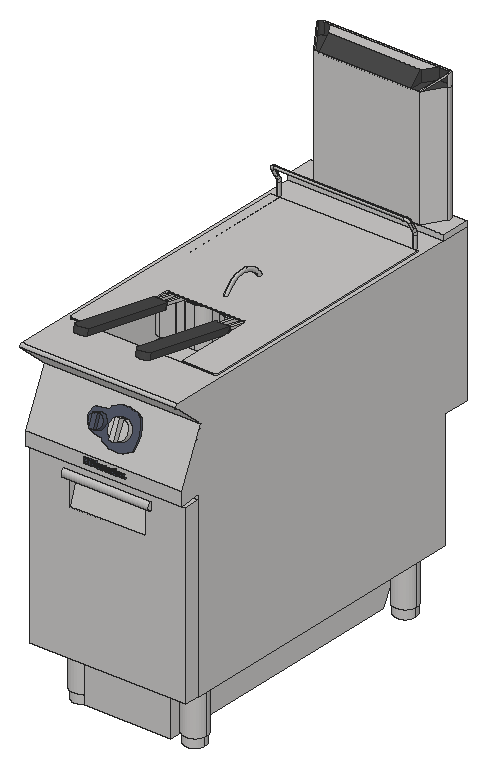
Revit family "QF_ELECTROLUXPROFESSIONAL_391631_E9KKMTBAMCI", category Attrezzature speciali, Revit 2021
Family settings
  Quota connettore circolare = Usa diametro
  Tipo di parte = Normale
  Basato su piano di lavoro = No
  Sempre verticale = Sì
  Taglio con vuoti quando caricato = No
  Condiviso = No
  Punto di calcolo locali = No
Parameters (values of type "Standard")
  Weight = 65.00 kg
  Watts = 0 W
  Volts = 0 V
  URL Manufacturer = "https://www.electroluxprofessional.com/"
  URL = "https://www.electroluxprofessional.com/"
  Steam Supply Size = 0"
  Steam Supply Minimum Pressure = 0.00 psi
  Steam Supply Maximum Pressure = 0.00 psi
  Steam Consumption per Hour = 0
  Show Logo [instance] = yes
  Show Clearance [instance] = yes
  Refrigeration Suction Line Size = 0 mm
  Refrigeration Liquid Line Size = 0 mm
  Refrigerant Compressor Remote = yes
  Prospetto di default = 0 mm
  Phase = 0
  Modello = "E9KKMTBAMCI"
  Produttore = "Electrolux Professional"
  Length Actual = 400 mm  # constant formula
  Item Number = "391631"
  Hot Water Size = 0"
  Height Actual = 850 mm  # constant formula
  HP = "0 HP"
  Gas Size = 1/2"
  Gas KW = 19
  Gas Input Pressure = 0.637167 Btu/h
  Direct Waste Size = 0"
  Descrizione = "23LT GAS TUBE FRYER-1 WELL+2 1/2 BASKETS - QMARK"
  Depth Actual = 930 mm  # constant formula
  Cycle = 0 Hz
  Condensate Return Size = 0"
  Compressed Air Volume = 0 GPM
  Compressed Air Size = 0"
  Compressed Air Pressure = 0.00 psi
  Cold Water Size = 0"
  Base Height [instance] = 150 mm  # constant formula
  Accessory = yes
Reference planes
  plane 1 "BACK": y = 0
  plane 2: z = 0
  plane 3 "LEFT": x = 0
  plane 4 "RIGHT": x = 400
  plane 5 "FRONT": y = -930
  plane 6 "TOP": z = 906
  plane 7 "Center Y": x = 200
  plane 8 "Center X": y = -465
  plane 9 "BASE": z = 601.763
  plane 10 "TOP A": z = 851
  plane 11: z = 150
  plane 12: y = -126
  plane 13: y = -800
  plane 14: y = -1273
  plane 15: x = 344
  plane 16: x = 56
  plane 17: x = 344
  plane 18: z = 916
  plane 19: z = 931
  plane 20: y = -1273
  plane 21: x = 355
  plane 22: y = -1610
  plane 23: z = 1200
Forms (mm)
  Extrusion 1, solid, material "QF_Finishes_Stainless Steel"
    sketch origin (0, 0, 0) x (0, 1, 0) y (0, 0, 1)
      loop
        line (0, 851) -> (-923.65, 851)
        arc (-923.65, 851) -> (-929.517, 847.08) -> (-928.14, 840.16) r 6.35
        line (-928.14, 840.16) -> (-852.034, 773.495) -> (-912.145, 642.892) -> (-912.145, 608.853) -> (-858.773, 614.463) -> (-858.773, 150) -> (-70, 150) -> (-70, 451.763) -> (0, 451.763) -> (0, 851)
      loop
        line (-900, 601.763) -> (-900, 150) -> (-860.361, 150) -> (-860.361, 601.763) -> (-900, 601.763)
    from 0 to 400
  Extrusion 2, void
    sketch origin (0, 0, 851) x (-1, 0, 0) y (0, -1, 0)
      loop
        line (-33.338, 141.304) -> (-33.338, 787.143) -> (-366.662, 787.143) -> (-366.662, 141.304) -> (-33.338, 141.304)
    from 0 to -152.4
  Extrusion 3, solid, material "QF_Finishes_Stainless Steel"
    sketch origin (0, 0, 851) x (-1, 0, 0) y (0, -1, 0)
      loop
        arc (-11.548, 780.793) -> (-13.408, 785.283) -> (-17.898, 787.143) r 6.35
        line (-17.898, 787.143) -> (-90.863, 787.143)
        arc (-90.863, 787.143) -> (-95.353, 785.283) -> (-97.213, 780.793) r 6.35
        line (-97.213, 780.793) -> (-97.213, 586.546)
        arc (-97.213, 586.546) -> (-99.072, 582.055) -> (-103.563, 580.196) r 6.35
        line (-103.563, 580.196) -> (-293.937, 580.196)
        arc (-293.937, 580.196) -> (-298.428, 582.055) -> (-300.287, 586.546) r 6.35
        line (-300.287, 586.546) -> (-300.287, 780.818)
        arc (-300.287, 780.818) -> (-302.14, 785.291) -> (-306.612, 787.143) r 6.325
        line (-306.612, 787.143) -> (-382.102, 787.143)
        arc (-382.102, 787.143) -> (-386.592, 785.283) -> (-388.452, 780.793) r 6.35
        line (-388.452, 780.793) -> (-388.452, 141.304) -> (-11.548, 141.304) -> (-11.548, 780.793)
    from 0 to 2.574
  Sweep 4, solid, material "QF_Finishes_Stainless Steel"
    path origin (200, 10.469, 0) x (0, 1, 0) y (0, 0, 1)
      loop
        arc (-423.261, 851) -> (-477.7, 884.779) -> (-532.139, 851) r 60.757
    profile origin (200, -467.231, 884.779) x (0, 0, -1) y (1, 0, 0)
      loop
        circle (0, 0) r 4.353
  Extrusion 5, solid, material "QF_Clearances", visible <- "Show Clearance", detail levels coarse
    sketch origin (0, 0, 0) x (1, 0, 0) y (0, 1, 0)
      loop
        line (0, -930) -> (0, 0) -> (400, 0) -> (400, -930) -> (550.019, -930) -> (550.019, 150.019) -> (-150.019, 150.019) -> (-150.019, -930) -> (0, -930)
    from 0 to 1200
  Revolve 6, solid, material "QF_Finishes_Stainless Steel"
    sketch origin (0, -126, 608.09) x (0, 0, 1) y (-1, 0, 0)
      loop
        line (-608.09, -56) -> (-458.09, -56) -> (-458.09, -26) -> (-583.09, -26) -> (-583.09, -29.75) -> (-608.09, -29.75) -> (-608.09, -56)
      axis (-608.09, -56) -> (-458.09, -56)
    angle from 0 to 360
  Revolve 7, solid, material "QF_Finishes_Stainless Steel"
    sketch origin (400.05, -126, 608.09) x (0, 0, 1) y (-1, 0, 0)
      loop
        line (-608.09, 56.05) -> (-608.09, 29.8) -> (-583.09, 29.8) -> (-583.09, 26.05) -> (-458.09, 26.05) -> (-458.09, 56.05) -> (-608.09, 56.05)
      axis (-608.09, 56.05) -> (-458.09, 56.05)
    angle from 0 to 360
  Extrusion 8, solid, material "QF_Door-Drawer Clearances", visible <- "Show Clearance", detail levels coarse
    sketch origin (0, 0, 851) x (-1, 0, 0) y (0, -1, 0)
      loop
        line (-400, 1273) -> (-400, 900) -> (-0.912, 900)
        arc (-0.912, 900) -> (-126.87, 1165.233) -> (-400, 1273) r 400
    from -701 to -249.237
  Revolve 9, solid, material "QF_Finishes_Stainless Steel"
    sketch origin (400.05, -800, 608.09) x (0, 0, 1) y (-1, 0, 0)
      loop
        line (-608.09, 56.05) -> (-608.09, 29.8) -> (-583.09, 29.8) -> (-583.09, 26.05) -> (-458.09, 26.05) -> (-458.09, 56.05) -> (-608.09, 56.05)
      axis (-608.09, 56.05) -> (-458.09, 56.05)
    angle from 0 to 360
  Extrusion 10, solid, material "QF_Finishes_Stainless Steel"
    sketch origin (200, 0, 0) x (0, 1, 0) y (0, 0, 1)
      loop
        line (-71.89, 865) -> (-71.89, 851) -> (0, 851) -> (0, 865) -> (-71.89, 865)
    from -200 to 200
  Extrusion 11, void
    sketch origin (200, -12.863, 0) x (0, 1, 0) y (0, 0, 1)
      loop
        line (-887.138, 564.263) -> (-887.138, 500.55) -> (-863.948, 564.263) -> (-887.138, 564.263)
    from -96.424 to 99.144
  Extrusion 12, solid, material "QF_Finishes_Stainless Steel"
    sketch origin (200, -12.863, 22.5) x (0, 1, 0) y (0, 0, 1)
      loop
        line (-887.137, 541.763) -> (-887.137, 561.763)
        arc (-887.137, 561.763) -> (-897.137, 551.763) -> (-887.137, 541.763) r 10
    from -110.529 to 112.106
  Revolve 13, solid, material "QF_Finishes_Stainless Steel"
    sketch origin (0, -800, 608.09) x (0, 0, 1) y (1, 0, 0)
      loop
        line (-608.09, 56) -> (-608.09, 29.75) -> (-583.09, 29.75) -> (-583.09, 26) -> (-458.09, 26) -> (-458.09, 56) -> (-608.09, 56)
      axis (-608.09, 56) -> (-458.09, 56)
    angle from 0 to 360
  Sweep 14, solid, material "QF_Finishes_Stainless Steel"
    path origin (0, 0, 0) x (0, 1, 0) y (0, 0, 1)
      loop
        line (-133.218, 851) -> (-133.218, 884.76)
        arc (-133.218, 884.76) -> (-133.779, 889.022) -> (-135.424, 892.993) r 16.466
        line (-135.424, 892.993) -> (-140.718, 902.162)
    profile origin (0, -133.218, 867.88) x (0, -1, 0) y (1, 0, 0)
      loop
        circle (0.001, 25.269) r 3.999
      loop
        circle (0.001, 374.731) r 3.999
  Sweep 15, solid, material "QF_Finishes_Stainless Steel"
    path origin (0, -68.628, 777.297) x (-1, 0, 0) y (0, -0.5, 0.866025)
      loop
        line (-374.731, 144.182) -> (-374.731, 165.819)
        arc (-374.731, 165.819) -> (-372.68, 170.768) -> (-367.731, 172.819) r 7
        line (-367.731, 172.819) -> (-32.269, 172.819)
        arc (-32.269, 172.819) -> (-27.32, 170.768) -> (-25.269, 165.819) r 7
        line (-25.269, 165.819) -> (-25.269, 144.182)
    profile origin (374.731, -146.128, 911.531) x (1, 0, 0) y (0, 0.866025, 0.5)
      loop
        circle (0, 0) r 4
  Extrusion 16, solid, material "QF_Finishes_Navy Blue", visible <- "Show Logo"
    sketch origin (0, -912.145, 608.853) x (0, 0, 1) y (-1, 0, 0)
      loop
        line (27.359, -159.055) -> (14.993, -159.055)
        arc (14.993, -159.055) -> (21.176, -163.626) -> (27.359, -159.055) r 6.467
      loop
        arc (27.359, -158.426) -> (26.19, -153.283) -> (21.534, -150.805) r 6.338
        line (21.534, -150.805) -> (21.534, -152.851)
        arc (21.534, -152.851) -> (23.018, -156.506) -> (26.464, -158.426) r 5.941
        line (26.464, -158.426) -> (27.359, -158.426)
      loop
        arc (15.888, -158.426) -> (19.334, -156.506) -> (20.817, -152.851) r 5.941
        line (20.817, -152.851) -> (20.817, -150.805)
        arc (20.817, -150.805) -> (16.123, -153.279) -> (14.834, -158.426) r 6.504
        line (14.834, -158.426) -> (15.888, -158.426)
      loop
        line (28.034, -150.336) -> (14.29, -150.336) -> (14.29, -164.099) -> (28.034, -164.099) -> (28.034, -150.336)
      loop
        arc (28.118, -167.066) -> (27.77, -166.709) -> (27.403, -167.047) r 0.358
        arc (27.403, -167.047) -> (27.089, -167.797) -> (26.372, -168.182) r 1.216
        line (26.372, -168.182) -> (15.959, -168.182)
        arc (15.959, -168.182) -> (15.299, -167.904) -> (14.903, -167.308) r 1.238
        arc (14.903, -167.308) -> (14.509, -167.057) -> (14.203, -167.411) r 0.358
        line (14.203, -167.411) -> (14.203, -177.29) -> (16.954, -177.29) -> (16.954, -176.393)
        arc (16.954, -176.393) -> (16.045, -175.813) -> (15.589, -174.836) r 1.928
        line (15.589, -174.836) -> (15.589, -172.337)
        arc (15.589, -172.337) -> (15.865, -171.608) -> (16.553, -171.244) r 1.101
        line (16.553, -171.244) -> (20.64, -171.244) -> (20.64, -174.917)
        arc (20.64, -174.917) -> (20.287, -175.414) -> (19.722, -175.642) r 1.083
        arc (19.722, -175.642) -> (19.459, -175.948) -> (19.751, -176.226) r 0.292
        line (19.751, -176.226) -> (22.713, -176.226)
        arc (22.713, -176.226) -> (23.016, -175.953) -> (22.777, -175.623) r 0.305
        arc (22.777, -175.623) -> (22.286, -175.375) -> (21.981, -174.917) r 1.083
        line (21.981, -174.917) -> (21.981, -171.244) -> (26.659, -171.244) -> (26.659, -174.991)
        arc (26.659, -174.991) -> (26.444, -175.747) -> (25.838, -176.245) r 1.314
        arc (25.838, -176.245) -> (25.619, -176.649) -> (25.973, -176.941) r 0.361
        line (25.973, -176.941) -> (28.118, -176.941) -> (28.118, -167.066)
      loop
        arc (27.4, -177.722) -> (27.02, -178.641) -> (26.101, -179.021) r 1.299
        line (26.101, -179.021) -> (16.522, -179.021)
        arc (16.522, -179.021) -> (15.684, -178.643) -> (15.413, -177.765) r 1.118
        line (15.413, -177.765) -> (14.203, -177.765) -> (14.203, -183.115) -> (15.391, -183.115)
        arc (15.391, -183.115) -> (15.663, -182.198) -> (16.533, -181.802) r 1.153
        line (16.533, -181.802) -> (28.605, -181.802) -> (27.4, -177.722)
      loop
        line (19.168, -185.751) -> (19.168, -192.198) -> (19.967, -192.198)
        arc (19.967, -192.198) -> (22.547, -191.214) -> (23.816, -188.76) r 3.874
        line (23.816, -188.76) -> (23.816, -187)
        arc (23.816, -187) -> (22.629, -184.135) -> (19.765, -182.949) r 4.051
        line (19.765, -182.949) -> (17.757, -182.949)
        arc (17.757, -182.949) -> (14.938, -184.434) -> (13.887, -187.441) r 4.352
        arc (13.887, -187.441) -> (14.251, -189.904) -> (15.629, -191.978) r 5.713
        line (15.629, -191.978) -> (16.578, -191.978)
        arc (16.578, -191.978) -> (15.845, -190.409) -> (15.629, -188.691) r 5.579
        arc (15.629, -188.691) -> (16.422, -186.728) -> (18.301, -185.751) r 3.057
        line (18.301, -185.751) -> (19.168, -185.751)
      loop
        line (20.427, -185.751) -> (20.427, -189.333)
        arc (20.427, -189.333) -> (21.884, -189.38) -> (22.767, -188.221) r 1.59
        line (22.767, -188.221) -> (22.767, -187.391)
        arc (22.767, -187.391) -> (21.902, -186.136) -> (20.427, -185.751) r 2.184
      loop
        arc (23.218, -201.616) -> (23.707, -199.942) -> (23.864, -198.205) r 9.023
        line (23.864, -198.205) -> (23.864, -196.843)
        arc (23.864, -196.843) -> (22.705, -194.043) -> (19.905, -192.883) r 3.959
        line (19.905, -192.883) -> (17.305, -192.883)
        arc (17.305, -192.883) -> (15.023, -194.176) -> (13.906, -196.549) r 4.331
        line (13.906, -196.549) -> (13.906, -198.684)
        arc (13.906, -198.684) -> (14.414, -200.234) -> (15.336, -201.58) r 5.772
        arc (15.336, -201.58) -> (16.098, -201.631) -> (16.184, -200.872) r 0.553
        arc (16.184, -200.872) -> (15.796, -200.138) -> (15.662, -199.319) r 2.573
        line (15.662, -199.319) -> (15.662, -197.804)
        arc (15.662, -197.804) -> (16.668, -196.162) -> (18.483, -195.52) r 2.884
        line (18.483, -195.52) -> (19.762, -195.52)
        arc (19.762, -195.52) -> (21.583, -196.08) -> (22.509, -197.745) r 2.554
        line (22.509, -197.745) -> (22.509, -198.798)
        arc (22.509, -198.798) -> (22.178, -199.726) -> (21.521, -200.461) r 2.564
        arc (21.521, -200.461) -> (21.299, -201.178) -> (21.909, -201.616) r 0.643
        line (21.909, -201.616) -> (23.218, -201.616)
      loop
        line (22.2, -201.886) -> (22.2, -203.387) -> (16.152, -203.387)
        arc (16.152, -203.387) -> (14.564, -204.045) -> (13.906, -205.633) r 2.246
        line (13.906, -205.633) -> (13.906, -207.217)
        arc (13.906, -207.217) -> (14.22, -208.081) -> (14.72, -208.853) r 4.06
        arc (14.72, -208.853) -> (15.453, -208.986) -> (15.704, -208.285) r 0.576
        arc (15.704, -208.285) -> (15.598, -207.759) -> (15.662, -207.227) r 1.69
        arc (15.662, -207.227) -> (16.204, -206.439) -> (17.11, -206.136) r 1.506
        line (17.11, -206.136) -> (22.248, -206.136) -> (22.248, -208.533) -> (22.805, -209.089) -> (23.626, -209.089) -> (23.626, -206.23) -> (26.857, -206.23) -> (22.2, -201.886)
      loop
        line (14.124, -209.987) -> (14.124, -215.374) -> (15.234, -215.374)
        arc (15.234, -215.374) -> (15.627, -214.423) -> (16.578, -214.029) r 1.345
        line (16.578, -214.029) -> (20.195, -214.029)
        arc (20.195, -214.029) -> (20.959, -214.621) -> (21.249, -215.543) r 1.615
        line (21.249, -215.543) -> (21.249, -217.099) -> (23.805, -217.784) -> (23.805, -216.401) -> (21.862, -213.842) -> (23.742, -213.842) -> (23.458, -211.136)
        arc (23.458, -211.136) -> (23.018, -210.606) -> (22.359, -210.807) r 0.621
        arc (22.359, -210.807) -> (21.959, -211.149) -> (21.465, -211.332) r 1.501
        line (21.465, -211.332) -> (16.578, -211.332)
        arc (16.578, -211.332) -> (15.627, -210.938) -> (15.234, -209.987) r 1.345
        line (15.234, -209.987) -> (14.124, -209.987)
      loop
        line (20.225, -217.321) -> (17.533, -217.321)
        arc (17.533, -217.321) -> (15.088, -218.629) -> (13.954, -221.159) r 4.288
        arc (13.954, -221.159) -> (13.89, -222.54) -> (13.954, -223.92) r 15.022
        arc (13.954, -223.92) -> (15.088, -226.451) -> (17.533, -227.758) r 4.288
        line (17.533, -227.758) -> (20.225, -227.758)
        arc (20.225, -227.758) -> (22.671, -226.451) -> (23.805, -223.92) r 4.288
        arc (23.805, -223.92) -> (23.868, -222.54) -> (23.805, -221.159) r 15.022
        arc (23.805, -221.159) -> (22.671, -218.629) -> (20.225, -217.321) r 4.288
      loop
        line (20.43, -220.435) -> (17.328, -220.435)
        arc (17.328, -220.435) -> (15.171, -222.592) -> (17.328, -224.749) r 2.157
        line (17.328, -224.749) -> (20.43, -224.749)
        arc (20.43, -224.749) -> (22.587, -222.592) -> (20.43, -220.435) r 2.157
      loop
        arc (27.411, -227.616) -> (27.041, -228.51) -> (26.147, -228.881) r 1.264
        line (26.147, -228.881) -> (16.282, -228.881)
        arc (16.282, -228.881) -> (15.412, -228.484) -> (15.141, -227.568) r 1.153
        line (15.141, -227.568) -> (14.203, -227.568) -> (14.203, -232.676) -> (15.131, -232.676)
        arc (15.131, -232.676) -> (15.49, -231.904) -> (16.282, -231.589) r 1.153
        line (16.282, -231.589) -> (28.605, -231.589) -> (27.411, -227.616)
      loop
        arc (22.531, -232.213) -> (22.332, -233.278) -> (21.363, -233.76) r 1.215
        line (21.363, -233.76) -> (16.343, -233.76)
        arc (16.343, -233.76) -> (14.728, -234.407) -> (14.008, -235.99) r 2.338
        line (14.008, -235.99) -> (14.008, -237.505)
        arc (14.008, -237.505) -> (14.182, -238.509) -> (14.684, -239.395) r 2.979
        line (14.684, -239.395) -> (14.203, -241.192) -> (14.203, -242.88) -> (23.629, -242.88) -> (23.335, -238.677) -> (22.548, -238.677)
        arc (22.548, -238.677) -> (22.192, -239.513) -> (21.44, -240.022) r 1.605
        line (21.44, -240.022) -> (16.337, -240.022)
        arc (16.337, -240.022) -> (15.917, -239.085) -> (15.844, -238.061) r 2.94
        arc (15.844, -238.061) -> (16.405, -236.96) -> (17.558, -236.517) r 1.724
        line (17.558, -236.517) -> (23.755, -236.517) -> (22.531, -232.213)
      loop
        line (23.559, -243.734) -> (21.887, -245.78) -> (18.713, -248.086) -> (15.257, -244.974)
        arc (15.257, -244.974) -> (15.02, -244.58) -> (15.042, -244.121) r 0.789
        line (15.042, -244.121) -> (14.203, -244.121) -> (14.203, -247.666) -> (15.029, -247.666)
        arc (15.029, -247.666) -> (15.372, -247.304) -> (15.862, -247.396) r 0.52
        line (15.862, -247.396) -> (17.661, -248.867) -> (15.543, -250.242)
        arc (15.543, -250.242) -> (15.142, -249.932) -> (15.055, -249.433) r 0.7
        line (15.055, -249.433) -> (14.203, -249.433) -> (14.203, -255.36) -> (15.09, -255.36)
        arc (15.09, -255.36) -> (15.157, -254.701) -> (15.552, -254.17) r 1.247
        line (15.552, -254.17) -> (19.751, -250.889) -> (22.198, -252.942) -> (23.559, -254.684) -> (23.559, -250.96) -> (22.074, -251.383) -> (20.553, -250.106) -> (22.253, -248.916) -> (23.559, -249.692) -> (23.559, -243.734)
    from 0 to 1.644
  Extrusion 17, solid, material "QF_Finishes_Navy Blue"
    sketch origin (-315.976, -908.962, 649.81) x (0, 0.418102, 0.9084) y (-1, 0, 0)
      loop
        arc (104.355, -502.587) -> (101.326, -501.258) -> (98.25, -500.039) r 91.066
        arc (98.25, -500.039) -> (96.592, -482.449) -> (93.213, -465.107) r 179.528
        arc (93.213, -465.107) -> (69.244, -452.795) -> (45.274, -465.107) r 29.489
        arc (45.274, -465.107) -> (38.909, -481.441) -> (37.449, -498.912) r 61.044
        arc (37.449, -498.912) -> (34.471, -499.962) -> (31.532, -501.116) r 91.066
        arc (31.532, -501.116) -> (19.517, -540.223) -> (32.929, -578.873) r 65.817
        arc (32.929, -578.873) -> (68.105, -585.173) -> (102.996, -577.452) r 91.066
        arc (102.996, -577.452) -> (115.418, -540.233) -> (104.355, -502.587) r 65.546
    from 0 to 3.175
  Extrusion 18, solid, material "QF_Finishes_Stainless Steel"
    sketch origin (62.774, -912.675, 649.335) x (0, 0.418102, 0.9084) y (-1, 0, 0)
      loop
        circle (68.826, -160.963) r 25.4
    from 0 to 12.7
  Extrusion 19, solid, material "QF_Finishes_Stainless Steel"
    sketch origin (62.774, -924.212, 654.645) x (0, 0.418102, 0.9084) y (-1, 0, 0)
      loop
        arc (93.558, -166.749) -> (94.226, -160.963) -> (93.558, -155.177) r 25.4
        line (93.558, -155.177) -> (44.094, -155.177)
        arc (44.094, -155.177) -> (43.426, -160.963) -> (44.094, -166.749) r 25.4
        line (44.094, -166.749) -> (93.558, -166.749)
    from 0 to 12.7
  Extrusion 20, solid, material "QF_Finishes_Navy Blue"
    sketch origin (5.274, -912.675, 649.335) x (0, 0.418102, 0.9084) y (-1, 0, 0)
      loop
        circle (68.826, -160.963) r 18.37
    from 0 to 12.7
  Extrusion 21, solid, material "QF_Finishes_Navy Blue"
    sketch origin (3.983, -924.212, 654.645) x (0, 0.418102, 0.9084) y (-1, 0, 0)
      loop
        arc (84.808, -167.687) -> (85.476, -161.901) -> (84.808, -156.114) r 25.4
        line (84.808, -156.114) -> (52.844, -156.114)
        arc (52.844, -156.114) -> (52.176, -161.901) -> (52.844, -167.687) r 25.4
        line (52.844, -167.687) -> (84.808, -167.687)
    from 0 to 8.112
  Extrusion 22, solid, material "QF_Finishes_Stainless Steel"
    sketch origin (0, 67, 150) x (-1, 0, 0) y (0, 1, 0)
      loop
        circle (-355, -715) r 6.35
    from 0 to 15
  Extrusion 23, solid, material "QF_Finishes_Stainless Steel"
    sketch origin (185.958, 109.846, 107.43) x (0, 0.984808, 0.173648) y (0, -0.173648, 0.984808)
      loop
        line (-552.44, 743.096) -> (-534.513, 844.764) -> (-598.426, 869.678) -> (-600.732, 863.761) -> (-541.671, 840.739) -> (-558.694, 744.199) -> (-552.44, 743.096)
    from -80.476 to -74.619
  Extrusion 24, solid, material "QF_Finishes_Mesh"
    sketch origin (-5.005, -64.779, 844.25) x (-1, 0, 0) y (0, -1, 0)
      loop
        arc (-76.6, 120.481) -> (-58.64, 127.92) -> (-51.2, 145.881) r 25.4
        line (-51.2, 145.881) -> (-51.2, 481.11)
        arc (-51.2, 481.11) -> (-58.64, 499.071) -> (-76.6, 506.51) r 25.4
        line (-76.6, 506.51) -> (-166.875, 506.51)
        arc (-166.875, 506.51) -> (-184.836, 499.071) -> (-192.275, 481.11) r 25.4
        line (-192.275, 481.11) -> (-192.275, 145.881)
        arc (-192.275, 145.881) -> (-184.836, 127.92) -> (-166.875, 120.481) r 25.4
        line (-166.875, 120.481) -> (-76.6, 120.481)
      loop
        arc (-76.6, 123.656) -> (-60.885, 130.165) -> (-54.375, 145.881) r 22.225
        line (-54.375, 145.881) -> (-54.375, 481.11)
        arc (-54.375, 481.11) -> (-60.885, 496.826) -> (-76.6, 503.335) r 22.225
        line (-76.6, 503.335) -> (-166.875, 503.335)
        arc (-166.875, 503.335) -> (-182.591, 496.826) -> (-189.1, 481.11) r 22.225
        line (-189.1, 481.11) -> (-189.1, 145.881)
        arc (-189.1, 145.881) -> (-182.591, 130.165) -> (-166.875, 123.656) r 22.225
        line (-166.875, 123.656) -> (-76.6, 123.656)
    from -109 to -5.315
  Extrusion 25, solid, material "QF_Finishes_Black"
    sketch origin (54.033, -843.725, 906.181) x (0, 0.980628, -0.195878) y (-1, 0, 0)
      loop
        arc (-40.26, -47.345) -> (-50.487, -65.962) -> (-40.26, -84.58) r 22.059
        line (-40.26, -84.58) -> (214.638, -84.58)
        arc (214.638, -84.58) -> (217.113, -83.554) -> (218.138, -81.08) r 3.5
        line (218.138, -81.08) -> (218.138, -50.854)
        arc (218.138, -50.854) -> (217.11, -48.372) -> (214.629, -47.345) r 3.509
        line (214.629, -47.345) -> (-40.26, -47.345)
    from -15.884 to 0
  Extrusion 26, solid, material "QF_Finishes_Stainless Steel"
    sketch origin (209.153, 109.846, 107.43) x (0, 0.984808, 0.173648) y (0, -0.173648, 0.984808)
      loop
        line (-552.44, 743.096) -> (-534.513, 844.764) -> (-598.426, 869.678) -> (-600.732, 863.761) -> (-541.671, 840.739) -> (-558.694, 744.199) -> (-552.44, 743.096)
    from -80.476 to -74.619
  Extrusion 27, solid, material "QF_Finishes_Stainless Steel"
    sketch origin (214.042, 109.846, 107.43) x (0, 0.984808, 0.173648) y (0, 0.173648, -0.984808)
      loop
        line (-552.44, -743.096) -> (-558.694, -744.199) -> (-541.671, -840.739) -> (-600.732, -863.761) -> (-598.426, -869.678) -> (-534.513, -844.764) -> (-552.44, -743.096)
    from -80.476 to -74.619
  Extrusion 28, solid, material "QF_Finishes_Mesh"
    sketch origin (405.005, -64.779, 844.25) x (1, 0, 0) y (0, 1, 0)
      loop
        line (-76.6, -120.481) -> (-166.875, -120.481)
        arc (-166.875, -120.481) -> (-184.836, -127.92) -> (-192.275, -145.881) r 25.4
        line (-192.275, -145.881) -> (-192.275, -481.11)
        arc (-192.275, -481.11) -> (-184.836, -499.071) -> (-166.875, -506.51) r 25.4
        line (-166.875, -506.51) -> (-76.6, -506.51)
        arc (-76.6, -506.51) -> (-58.64, -499.071) -> (-51.2, -481.11) r 25.4
        line (-51.2, -481.11) -> (-51.2, -145.881)
        arc (-51.2, -145.881) -> (-58.64, -127.92) -> (-76.6, -120.481) r 25.4
      loop
        line (-76.6, -123.656) -> (-166.875, -123.656)
        arc (-166.875, -123.656) -> (-182.591, -130.165) -> (-189.1, -145.881) r 22.225
        line (-189.1, -145.881) -> (-189.1, -481.11)
        arc (-189.1, -481.11) -> (-182.591, -496.826) -> (-166.875, -503.335) r 22.225
        line (-166.875, -503.335) -> (-76.6, -503.335)
        arc (-76.6, -503.335) -> (-60.885, -496.826) -> (-54.375, -481.11) r 22.225
        line (-54.375, -481.11) -> (-54.375, -145.881)
        arc (-54.375, -145.881) -> (-60.885, -130.165) -> (-76.6, -123.656) r 22.225
    from -109 to -5.315
  Extrusion 29, solid, material "QF_Finishes_Stainless Steel"
    sketch origin (190.847, 109.846, 107.43) x (0, 0.984808, 0.173648) y (0, 0.173648, -0.984808)
      loop
        line (-552.44, -743.096) -> (-558.694, -744.199) -> (-541.671, -840.739) -> (-600.732, -863.761) -> (-598.426, -869.678) -> (-534.513, -844.764) -> (-552.44, -743.096)
    from -80.476 to -74.619
  Extrusion 30, solid, material "QF_Finishes_Stainless Steel"
    sketch origin (0, 0, 0) x (0, 1, 0) y (0, 0, 1)
      loop
        line (-80, 150) -> (-835.361, 150) -> (-835.361, 11) -> (-157.049, 11) -> (-80, 150)
    from 89.649 to 310.351
  Extrusion 31, solid, material "QF_Finishes_Black"
    sketch origin (345.967, -843.725, 906.181) x (0, 0.980628, -0.195878) y (-1, 0, 0)
      loop
        line (-40.26, 47.345) -> (214.629, 47.345)
        arc (214.629, 47.345) -> (217.11, 48.372) -> (218.138, 50.854) r 3.509
        line (218.138, 50.854) -> (218.138, 81.08)
        arc (218.138, 81.08) -> (217.113, 83.554) -> (214.638, 84.58) r 3.5
        line (214.638, 84.58) -> (-40.26, 84.58)
        arc (-40.26, 84.58) -> (-50.487, 65.962) -> (-40.26, 47.345) r 22.059
    from -15.884 to 0
  Extrusion 32, solid, material "QF_Clearances", visible <- "Show Clearance", detail levels coarse
    sketch origin (0, 0, 851) x (-1, 0, 0) y (0, -1, 0)
      loop
        line (-89.649, 835.361) -> (-89.649, 1610) -> (-310.351, 1610) -> (-310.351, 835.361) -> (-89.649, 835.361)
    from -840 to -701
  Extrusion 33, solid, material "QF_Finishes_Stainless Steel"
    sketch origin (200, -75.122, 865) x (0, 1, 0) y (-1, 0, 0)
      loop
        line (5.122, -135.702) -> (55.555, -168.454)
        arc (55.555, -168.454) -> (65.773, -168.855) -> (71.002, -160.067) r 10
        line (71.002, -160.067) -> (71.002, 160.067)
        arc (71.002, 160.067) -> (65.773, 168.855) -> (55.555, 168.454) r 10
        line (55.555, 168.454) -> (5.122, 135.702) -> (5.122, -135.702)
    from 0 to 304.8
  Extrusion 34, solid, material "QF_Finishes_Stainless Steel"
    sketch origin (200, -75.122, 1169.8) x (0, 1, 0) y (-1, 0, 0)
      loop
        line (71.002, -160.067) -> (71.002, 160.067)
        arc (71.002, 160.067) -> (65.773, 168.855) -> (55.555, 168.454) r 10
        line (55.555, 168.454) -> (57.189, 165.938)
        arc (57.189, 165.938) -> (64.342, 166.219) -> (68.002, 160.067) r 7
        line (68.002, 160.067) -> (68.002, -160.067)
        arc (68.002, -160.067) -> (64.342, -166.219) -> (57.189, -165.938) r 7
        line (57.189, -165.938) -> (55.555, -168.454)
        arc (55.555, -168.454) -> (65.773, -168.855) -> (71.002, -160.067) r 10
    from 0 to 30.2
  Extrusion 35, solid, material "QF_Finishes_Black"
    sketch origin (0, 0, 0) x (0, 1, 0) y (0, 0, 1)
      loop
        line (-70, 1169.8) -> (-7.12, 1169.8) -> (-7.12, 1200) -> (-38.56, 1200) -> (-70, 1169.8)
    from 77.63 to 314.332
  Extrusion 36, solid, material "QF_Finishes_Black"
    sketch origin (200, -75.122, 1169.8) x (0, 1, 0) y (-1, 0, 0)
      loop
        line (36.562, -114.332) -> (68.002, -133.978) -> (68.002, -114.332) -> (36.562, -114.332)
      loop
        line (36.562, 122.37) -> (68.002, 122.37) -> (68.002, 142.016) -> (36.562, 122.37)
    from 0 to 30.2
  Extrusion 37, solid, material "QF_Finishes_Stainless Steel"
    sketch origin (337.569, -67.125, 865) x (0.544639, 0.838671, 0) y (0, 0, 1)
      loop
        line (-3.428, 304.8) -> (3.257, 304.8) -> (56.707, 331.643) -> (56.707, 335) -> (-3.428, 304.8)
    from 0 to -3
  Extrusion 38, solid, material "QF_Finishes_Stainless Steel"
    sketch origin (62.431, -67.125, 865) x (-0.544639, 0.838671, 0) y (0, 0, -1)
      loop
        line (-3.428, -304.8) -> (56.707, -335) -> (56.707, -331.643) -> (3.257, -304.8) -> (-3.428, -304.8)
    from 0 to -3
Cuts and joins
  Extrusion 2, Extrusion 11 cuts Extrusion 1
  joined: Extrusion 3, Sweep 4, Extrusion 10
  joined: Extrusion 35, Extrusion 36
Lines and regions (mm)
  Split face 1
    outline origin (0, -835.361, 150) x (0, 0, -1) y (1, 0, 0)
      loop
        line (137, 262.382) -> (2, 262.382) -> (2, 91.649) -> (137, 91.649) -> (137, 262.382)
  Split face 2
    outline origin (0, -835.361, 150) x (0, 0, -1) y (1, 0, 0)
      loop
        line (51.412, 139.794) -> (58.912, 124.794) -> (66.412, 139.794) -> (51.412, 139.794)
  symbolic lines, style "QF_Clearances", visible <- "Show Clearance", detail levels coarse
    curve 1: line (-150.019, 150.019, 851) -> (-150.019, -930, 851)
    curve 2: line (550.019, 150.019, 851) -> (-150.019, 150.019, 851)
    curve 3: line (550.019, -930, 851) -> (550.019, 150.019, 851)
    curve 70: line (89.649, -1610, 851) -> (89.649, -930, 851)
    curve 71: line (89.649, -1610, 851) -> (310.351, -1610, 851)
    curve 72: line (310.351, -1610, 851) -> (310.351, -930, 851)
  symbolic lines
    curve 4: line (0, -930, 851) -> (0, 0, 851)
    curve 5: line (400, 0, 851) -> (400, -930, 851)
    curve 6: line (11.548, -141.304, 851) -> (11.548, -780.849, 851)
    curve 7: arc (11.548, -780.849, 851) -> (13.428, -785.386, 851) -> (17.965, -787.265, 851) r 6.416
    curve 8: line (17.965, -787.265, 851) -> (101.378, -787.265, 851)
    curve 9: arc (90.94, -787.265, 851) -> (95.375, -785.428, 851) -> (97.213, -780.993, 851) r 6.272
    curve 10: line (97.213, -780.993, 851) -> (97.213, -586.546, 851)
    curve 11: arc (97.213, -586.546, 851) -> (99.072, -582.055, 851) -> (103.563, -580.196, 851) r 6.35
    curve 12: line (103.563, -580.196, 851) -> (293.937, -580.196, 851)
    curve 13: arc (293.937, -580.196, 851) -> (298.428, -582.055, 851) -> (300.287, -586.546, 851) r 6.35
    curve 14: line (300.287, -586.546, 851) -> (300.287, -780.818, 851)
    curve 15: arc (300.287, -780.818, 851) -> (302.14, -785.291, 851) -> (306.613, -787.143, 851) r 6.325
    curve 16: arc (382.234, -787.143, 851) -> (386.63, -785.322, 851) -> (388.452, -780.925, 851) r 6.218
    curve 17: line (388.452, -780.925, 851) -> (388.452, -141.304, 851)
    curve 18: line (195.545, -520.62, 851) -> (195.545, -413.844, 851)
    curve 19: line (204.443, -413.844, 851) -> (204.443, -520.62, 851)
    curve 20: arc (195.545, -520.62, 851) -> (199.994, -525.069, 851) -> (204.443, -520.62, 851) r 4.449
    curve 21: arc (195.545, -413.844, 851) -> (199.994, -409.395, 851) -> (204.443, -413.844, 851) r 4.449
    curve 22: line (400, -930, 851) -> (0, -930, 851)
    curve 25: line (31.918, -151.038, 851) -> (368.082, -151.038, 851)
    curve 26: line (368.557, -159.052, 851) -> (31.443, -159.052, 851)
    curve 27: line (0, -71.89, 851) -> (400, -71.89, 851)
    curve 28: line (388.452, -141.304, 851) -> (378.73, -141.304, 851)
    curve 29: line (0, 0, 851) -> (400, 0, 851)
    curve 30: arc (25.269, -129.22, 851) -> (28.097, -130.391, 851) -> (29.268, -133.219, 851) r 3.999
    curve 31: arc (21.27, -133.219, 851) -> (22.442, -130.391, 851) -> (25.269, -129.22, 851) r 3.999
    curve 32: line (21.27, -133.219, 851) -> (21.27, -151.339, 851)
    curve 33: line (29.268, -133.219, 851) -> (29.268, -150.539, 851)
    curve 34: arc (31.443, -159.052, 851) -> (28.224, -158.628, 851) -> (25.225, -157.386, 851) r 12.435
    curve 35: arc (21.27, -151.339, 851) -> (22.347, -154.952, 851) -> (25.225, -157.386, 851) r 6.6
    curve 36: arc (29.268, -150.539, 851) -> (30.57, -150.912, 851) -> (31.918, -151.038, 851) r 7.291
    curve 37: arc (374.731, -129.22, 851) -> (371.903, -130.391, 851) -> (370.732, -133.219, 851) r 3.999
    curve 38: arc (378.73, -133.219, 851) -> (377.558, -130.391, 851) -> (374.731, -129.22, 851) r 3.999
    curve 39: line (378.73, -133.219, 851) -> (378.73, -151.339, 851)
    curve 40: line (370.732, -133.219, 851) -> (370.732, -150.539, 851)
    curve 41: arc (368.557, -159.052, 851) -> (371.776, -158.628, 851) -> (374.775, -157.386, 851) r 12.435
    curve 42: arc (378.73, -151.339, 851) -> (377.653, -154.952, 851) -> (374.775, -157.386, 851) r 6.6
    curve 43: arc (370.732, -150.539, 851) -> (369.43, -150.912, 851) -> (368.082, -151.038, 851) r 7.291
    curve 44: line (138.613, -787.265, 851) -> (261.387, -787.265, 851)
    curve 45: line (21.27, -141.304, 851) -> (11.548, -141.304, 851)
    curve 46: line (370.732, -141.304, 851) -> (29.268, -141.304, 851)
    curve 47: line (138.613, -886.257, 851) -> (138.613, -633.193, 851)
    curve 48: line (101.378, -633.202, 851) -> (101.378, -886.257, 851)
    curve 49: line (135.113, -629.813, 851) -> (104.887, -629.813, 851)
    curve 50: line (111.314, -580.196, 851) -> (111.314, -629.813, 851)
    curve 51: line (105.457, -629.813, 851) -> (105.457, -580.196, 851)
    curve 52: line (128.677, -629.813, 851) -> (128.677, -580.196, 851)
    curve 53: spline (104.887, -629.813, 851) -> (104.429, -629.842, 851) -> (103.979, -629.928, 851) -> (103.544, -630.071, 851) -> (103.133, -630.267, 851) -> (102.751, -630.513, 851) -> (102.406, -630.805, 851) -> (102.103, -631.139, 851) -> (101.848, -631.507, 851) -> (101.645, -631.905, 851) -> (101.498, -632.325, 851) -> (101.408, -632.76, 851) -> (101.378, -633.202, 851)
    curve 54: spline (138.613, -633.193, 851) -> (138.583, -632.752, 851) -> (138.494, -632.318, 851) -> (138.346, -631.9, 851) -> (138.144, -631.503, 851) -> (137.89, -631.135, 851) -> (137.588, -630.803, 851) -> (137.244, -630.511, 851) -> (136.863, -630.266, 851) -> (136.452, -630.07, 851) -> (136.019, -629.928, 851) -> (135.57, -629.842, 851) -> (135.113, -629.813, 851)
    curve 55: line (134.534, -580.196, 851) -> (134.534, -629.813, 851)
    curve 56: line (261.387, -886.257, 851) -> (261.387, -633.193, 851)
    curve 57: line (298.622, -633.202, 851) -> (298.622, -886.257, 851)
    curve 58: line (264.887, -629.813, 851) -> (295.113, -629.813, 851)
    curve 59: line (288.686, -580.196, 851) -> (288.686, -629.813, 851)
    curve 60: line (294.543, -629.813, 851) -> (294.543, -580.225, 851)
    curve 61: line (271.323, -629.813, 851) -> (271.323, -580.196, 851)
    curve 62: spline (295.113, -629.813, 851) -> (295.571, -629.842, 851) -> (296.021, -629.928, 851) -> (296.456, -630.071, 851) -> (296.867, -630.267, 851) -> (297.249, -630.513, 851) -> (297.594, -630.805, 851) -> (297.897, -631.139, 851) -> (298.152, -631.507, 851) -> (298.355, -631.905, 851) -> (298.502, -632.325, 851) -> (298.592, -632.76, 851) -> (298.622, -633.202, 851)
    curve 63: spline (261.387, -633.193, 851) -> (261.417, -632.752, 851) -> (261.506, -632.318, 851) -> (261.654, -631.9, 851) -> (261.856, -631.503, 851) -> (262.11, -631.135, 851) -> (262.412, -630.803, 851) -> (262.756, -630.511, 851) -> (263.137, -630.266, 851) -> (263.548, -630.07, 851) -> (263.981, -629.928, 851) -> (264.43, -629.842, 851) -> (264.887, -629.813, 851)
    curve 64: line (265.466, -580.196, 851) -> (265.466, -629.813, 851)
    curve 65: line (298.622, -787.265, 851) -> (382.234, -787.265, 851)
    curve 66: arc (101.378, -886.257, 851) -> (119.995, -896.341, 851) -> (138.613, -886.257, 851) r 22.229
    curve 67: arc (101.378, -883.146, 851) -> (119.995, -893.26, 851) -> (138.613, -883.146, 851) r 22.191
    curve 68: arc (298.622, -886.257, 851) -> (280.005, -896.341, 851) -> (261.387, -886.257, 851) r 22.229
    curve 69: arc (298.622, -883.146, 851) -> (280.005, -893.26, 851) -> (261.387, -883.146, 851) r 22.191
    curve 73: line (64.298, -70, 0) -> (335.702, -70, 0)
    curve 74: line (335.702, -70, 0) -> (368.454, -19.566, 0)
    curve 75: arc (368.454, -19.566, 0) -> (368.855, -9.348, 0) -> (360.067, -4.12, 0) r 10
    curve 76: line (360.067, -4.12, 0) -> (39.933, -4.12, 0)
    curve 77: arc (39.933, -4.12, 0) -> (31.145, -9.348, 0) -> (31.546, -19.566, 0) r 10
    curve 78: line (31.546, -19.566, 0) -> (64.298, -70, 0)
    curve 79: line (67.875, -70, 0) -> (34.062, -17.932, 0)
    curve 80: arc (34.062, -17.932, 0) -> (33.781, -10.78, 0) -> (39.933, -7.12, 0) r 7
    curve 81: line (39.933, -7.12, 0) -> (57.984, -7.12, 0)
    curve 82: line (57.984, -7.12, 0) -> (77.63, -38.56, 0)
    curve 83: line (77.63, -38.56, 0) -> (77.63, -70, 0)
    curve 84: line (314.332, -38.56, 0) -> (77.63, -38.56, 0)
    curve 85: line (314.332, -38.56, 0) -> (333.978, -7.12, 0)
    curve 86: line (314.332, -70, 0) -> (314.332, -38.56, 0)
    curve 87: line (333.978, -7.12, 0) -> (360.067, -7.12, 0)
    curve 88: arc (360.067, -7.12, 0) -> (366.219, -10.78, 0) -> (365.938, -17.932, 0) r 7
    curve 89: line (365.938, -17.932, 0) -> (332.125, -70, 0)
    curve 90: line (191.21, -42.216, 0) -> (200.752, -42.216, 0)
    curve 91: line (191.21, -68.307, 0) -> (191.21, -42.216, 0)
    curve 92: line (200.752, -68.307, 0) -> (191.21, -68.307, 0)
    curve 93: line (200.752, -68.307, 0) -> (200.752, -42.216, 0)
    curve 94: line (179.21, -42.216, 0) -> (188.752, -42.216, 0)
    curve 95: line (179.21, -68.307, 0) -> (179.21, -42.216, 0)
    curve 96: line (188.752, -68.307, 0) -> (179.21, -68.307, 0)
    curve 97: line (188.752, -68.307, 0) -> (188.752, -42.216, 0)
    curve 98: line (167.21, -42.216, 0) -> (176.752, -42.216, 0)
    curve 99: line (167.21, -68.307, 0) -> (167.21, -42.216, 0)
    curve 100: line (176.752, -68.307, 0) -> (167.21, -68.307, 0)
    curve 101: line (176.752, -68.307, 0) -> (176.752, -42.216, 0)
    curve 102: line (155.21, -42.216, 0) -> (164.752, -42.216, 0)
    curve 103: line (155.21, -68.307, 0) -> (155.21, -42.216, 0)
    curve 104: line (164.752, -68.307, 0) -> (155.21, -68.307, 0)
    curve 105: line (164.752, -68.307, 0) -> (164.752, -42.216, 0)
    curve 106: line (143.21, -42.216, 0) -> (152.752, -42.216, 0)
    curve 107: line (143.21, -68.307, 0) -> (143.21, -42.216, 0)
    curve 108: line (152.752, -68.307, 0) -> (143.21, -68.307, 0)
    curve 109: line (152.752, -68.307, 0) -> (152.752, -42.216, 0)
    curve 110: line (131.21, -42.216, 0) -> (140.752, -42.216, 0)
    curve 111: line (131.21, -68.307, 0) -> (131.21, -42.216, 0)
    curve 112: line (140.752, -68.307, 0) -> (131.21, -68.307, 0)
    curve 113: line (140.752, -68.307, 0) -> (140.752, -42.216, 0)
    curve 114: line (119.21, -42.216, 0) -> (128.752, -42.216, 0)
    curve 115: line (119.21, -68.307, 0) -> (119.21, -42.216, 0)
    curve 116: line (128.752, -68.307, 0) -> (119.21, -68.307, 0)
    curve 117: line (128.752, -68.307, 0) -> (128.752, -42.216, 0)
    curve 118: line (107.21, -42.216, 0) -> (116.752, -42.216, 0)
    curve 119: line (107.21, -68.307, 0) -> (107.21, -42.216, 0)
    curve 120: line (116.752, -68.307, 0) -> (107.21, -68.307, 0)
    curve 121: line (116.752, -68.307, 0) -> (116.752, -42.216, 0)
    curve 122: line (95.21, -42.216, 0) -> (104.752, -42.216, 0)
    curve 123: line (95.21, -68.307, 0) -> (95.21, -42.216, 0)
    curve 124: line (104.752, -68.307, 0) -> (95.21, -68.307, 0)
    curve 125: line (104.752, -68.307, 0) -> (104.752, -42.216, 0)
    curve 126: line (83.21, -42.216, 0) -> (92.752, -42.216, 0)
    curve 127: line (83.21, -68.307, 0) -> (83.21, -42.216, 0)
    curve 128: line (92.752, -68.307, 0) -> (83.21, -68.307, 0)
    curve 129: line (92.752, -68.307, 0) -> (92.752, -42.216, 0)
    curve 130: line (212.752, -42.216, 0) -> (203.21, -42.216, 0)
    curve 131: line (212.752, -68.307, 0) -> (212.752, -42.216, 0)
    curve 132: line (203.21, -68.307, 0) -> (212.752, -68.307, 0)
    curve 133: line (203.21, -68.307, 0) -> (203.21, -42.216, 0)
    curve 134: line (224.752, -42.216, 0) -> (215.21, -42.216, 0)
    curve 135: line (224.752, -68.307, 0) -> (224.752, -42.216, 0)
    curve 136: line (215.21, -68.307, 0) -> (224.752, -68.307, 0)
    curve 137: line (215.21, -68.307, 0) -> (215.21, -42.216, 0)
    curve 138: line (236.752, -42.216, 0) -> (227.21, -42.216, 0)
    curve 139: line (236.752, -68.307, 0) -> (236.752, -42.216, 0)
    curve 140: line (227.21, -68.307, 0) -> (236.752, -68.307, 0)
    curve 141: line (227.21, -68.307, 0) -> (227.21, -42.216, 0)
    curve 142: line (248.752, -42.216, 0) -> (239.21, -42.216, 0)
    curve 143: line (248.752, -68.307, 0) -> (248.752, -42.216, 0)
    curve 144: line (239.21, -68.307, 0) -> (248.752, -68.307, 0)
    curve 145: line (239.21, -68.307, 0) -> (239.21, -42.216, 0)
    curve 146: line (260.752, -42.216, 0) -> (251.21, -42.216, 0)
    curve 147: line (260.752, -68.307, 0) -> (260.752, -42.216, 0)
    curve 148: line (251.21, -68.307, 0) -> (260.752, -68.307, 0)
    curve 149: line (251.21, -68.307, 0) -> (251.21, -42.216, 0)
    curve 150: line (272.752, -42.216, 0) -> (263.21, -42.216, 0)
    curve 151: line (272.752, -68.307, 0) -> (272.752, -42.216, 0)
    curve 152: line (263.21, -68.307, 0) -> (272.752, -68.307, 0)
    curve 153: line (263.21, -68.307, 0) -> (263.21, -42.216, 0)
    curve 154: line (284.752, -42.216, 0) -> (275.21, -42.216, 0)
    curve 155: line (284.752, -68.307, 0) -> (284.752, -42.216, 0)
    curve 156: line (275.21, -68.307, 0) -> (284.752, -68.307, 0)
    curve 157: line (275.21, -68.307, 0) -> (275.21, -42.216, 0)
    curve 158: line (296.752, -42.216, 0) -> (287.21, -42.216, 0)
    curve 159: line (296.752, -68.307, 0) -> (296.752, -42.216, 0)
    curve 160: line (287.21, -68.307, 0) -> (296.752, -68.307, 0)
    curve 161: line (287.21, -68.307, 0) -> (287.21, -42.216, 0)
    curve 162: line (308.752, -42.216, 0) -> (299.21, -42.216, 0)
    curve 163: line (308.752, -68.307, 0) -> (308.752, -42.216, 0)
    curve 164: line (299.21, -68.307, 0) -> (308.752, -68.307, 0)
    curve 165: line (299.21, -68.307, 0) -> (299.21, -42.216, 0)
  symbolic lines, style "QF_Door-Drawer Clearances"
    curve 23: arc (4.082, -930, 851) -> (24.062, -1009.639, 851) -> (59.881, -1083.521, 851) r 400
    curve 24: line (59.881, -1083.521, 851) -> (325.76, -930, 851)
Dimensions and locks
  equal spacing: plane 3 "LEFT", plane 7 "Center Y", plane 4 "RIGHT"
  plane 3 "LEFT" to plane 4 "RIGHT" = 400 mm
  equal spacing: plane 5 "FRONT", plane 8 "Center X", plane 1 "BACK"
  plane 5 "FRONT" to plane 1 "BACK" = 930 mm  (x2)
  plane 1 "BACK" to plane 5 "FRONT" = 930 mm
  "Base Height": plane 11 to level
  plane 1 "BACK" to plane 12 = 126 mm
  plane 12 to plane 13 to cut or joined group of Extrusion 1, Extrusion 2, Extrusion 11 = 674 mm, 100 mm
  locked: plane 14 to plane 5 "FRONT" at 343
  plane 4 "RIGHT" to plane 15 = 56 mm
  plane 17 to plane 16 = 288 mm
  plane 16 to plane 3 "LEFT" = 56 mm
  plane 18 to plane 10 "TOP A" = 65 mm
  plane 10 "TOP A" to plane 19 = 80 mm
  plane 4 "RIGHT" to plane 3 "LEFT" = 400 mm
  plane 5 "FRONT" to plane 20 = 343 mm
  plane 1 "BACK" to curve 2 = 150.019 mm
  plane 4 "RIGHT" to curve 3 = 150.019 mm
  curve 1 to plane 3 "LEFT" = 150.019 mm
  Extrusion 22 sketch curve to plane 1 "BACK" = 648 mm
  Extrusion 22 sketch curve to plane 4 "RIGHT" = 45 mm
  Extrusion 22 to plane 11 = 15 mm
  plane 10 "TOP A" to level = 851 mm
  plane 10 "TOP A" to plane 11 = 701 mm
  plane 10 "TOP A" to plane 11 to level = 701 mm, 150 mm
  plane 21 to plane 4 "RIGHT" = 45 mm  (x2)
  Extrusion 22 to plane 1 "BACK" = 648 mm
  plane 1 "BACK" to Extrusion 22 = 648 mm
  Extrusion 5 to Extrusion 30 = 11 mm
  plane 5 "FRONT" to plane 22 = 680 mm
  level to cut or joined group of Extrusion 3, Sweep 4, Extrusion 10 = 865 mm
  plane 23 to cut or joined group of Extrusion 3, Sweep 4, Extrusion 10 = 335 mm
  plane 23 to level = 1200 mm
  aligned and locked: level to plane 2
  aligned and locked: plane 4 "RIGHT" to Extrusion 1
  aligned and locked: plane 13 to Revolve 9
  aligned and locked: plane 12 to Revolve 6
  aligned and locked: plane 12 to Revolve 7
  aligned and locked: plane 4 "RIGHT" to Extrusion 10
  aligned and locked: plane 14 to Extrusion 8 sketch curve
  aligned and locked: plane 13 to Revolve 13
  aligned and locked: Extrusion 23 to Extrusion 25
Automatic sketch dimensions
  Extrusion 1 sketch curve to plane 10 "TOP A" = 0 mm
  Extrusion 1 sketch curve to plane 9 "BASE" = 0 mm
  Extrusion 1 sketch curve to plane 11 = 0 mm  (x2)
  Extrusion 1 sketch curve to plane 1 "BACK" = 0 mm
  Extrusion 1 sketch curve to plane 12 = 56 mm
  plane 13 to Extrusion 1 sketch curve = 52.034 mm
  plane 13 to Extrusion 1 sketch curve = 58.773 mm
  Extrusion 1 sketch curve to Extrusion 1 sketch curve = 1.588 mm
  Extrusion 1 sketch curve to plane 5 "FRONT" = 30 mm
  plane 9 "BASE" to Extrusion 1 sketch curve = 7.09 mm
  Extrusion 1 sketch curve to Extrusion 1 sketch curve = 12.145 mm
  Extrusion 1 sketch curve to plane 5 "FRONT" = 6.35 mm
  Extrusion 1 sketch curve to plane 5 "FRONT" = 1.86 mm
  Extrusion 1 sketch curve to plane 9 "BASE" = 150 mm
  plane 9 "BASE" to Extrusion 1 sketch curve = 12.7 mm
  Extrusion 1 sketch curve to Extrusion 1 sketch curve = 34.039 mm
  Extrusion 1 sketch curve to plane 10 "TOP A" = 77.505 mm
  Extrusion 1 sketch curve to plane 10 "TOP A" = 10.84 mm
  Extrusion 2 sketch curve to plane 21 = 11.663 mm
  Extrusion 2 sketch curve to plane 16 = 22.662 mm
  plane 12 to Extrusion 2 sketch curve = 15.304 mm
  Extrusion 2 sketch curve to plane 13 = 12.857 mm
  Sweep 4 sketch curve to plane 10 "TOP A" = 0 mm  (x2)
  Sweep 4 sketch curve to plane 8 "Center X" = 56.67 mm
  Sweep 4 sketch curve to plane 8 "Center X" = 2.231 mm
  Sweep 4 sketch curve to plane 10 "TOP A" = 26.978 mm
  Sweep 4 sketch curve to plane 7 "Center Y" = 0 mm
  Sweep 4 sketch curve to profile plane = 0 mm
  Revolve 6 sketch curve to level = 0 mm
  Revolve 6 sketch curve to plane 11 = 0 mm  (x2)
  Revolve 6 sketch curve to plane 16 = 0 mm  (x2)
  level to Revolve 6 sketch curve = 25 mm
  plane 11 to Revolve 6 sketch curve = 20 mm
  Revolve 6 sketch curve to plane 16 = 26.25 mm
  plane 3 "LEFT" to Revolve 6 sketch curve = 26 mm
  Revolve 7 sketch curve to level = 0 mm
  Revolve 7 sketch curve to plane 11 = 0 mm  (x2)
  Revolve 7 sketch curve to plane 15 = 0 mm  (x2)
  level to Revolve 7 sketch curve = 25 mm
  plane 11 to Revolve 7 sketch curve = 20 mm
  Revolve 7 sketch curve to plane 21 = 15.25 mm
  Revolve 7 sketch curve to plane 21 = 19 mm
  Revolve 9 sketch curve to level = 0 mm
  Revolve 9 sketch curve to plane 11 = 0 mm  (x2)
  Revolve 9 sketch curve to plane 15 = 0 mm  (x2)
  level to Revolve 9 sketch curve = 25 mm
  plane 11 to Revolve 9 sketch curve = 20 mm
  Revolve 9 sketch curve to plane 21 = 15.25 mm
  Revolve 9 sketch curve to plane 21 = 19 mm
  Extrusion 10 sketch curve to plane 10 "TOP A" = 0 mm
  Extrusion 10 sketch curve to plane 1 "BACK" = 0 mm
  plane 10 "TOP A" to Extrusion 10 sketch curve = 14 mm
  Extrusion 10 sketch curve to plane 12 = 54.11 mm
  Extrusion 11 sketch curve to plane 5 "FRONT" = 30 mm
  Extrusion 11 sketch curve to Extrusion 11 sketch curve = 23.189 mm
  Extrusion 11 sketch curve to plane 9 "BASE" = 101.212 mm
  Extrusion 11 sketch curve to plane 9 "BASE" = 37.5 mm
  Extrusion 12 sketch curve to plane 5 "FRONT" = 30 mm
  Extrusion 12 sketch curve to plane 9 "BASE" = 37.5 mm
  Extrusion 12 sketch curve to Extrusion 12 sketch curve = 10 mm
  Revolve 13 sketch curve to level = 0 mm
  Revolve 13 sketch curve to plane 11 = 0 mm  (x2)
  plane 16 to Revolve 13 sketch curve = 0 mm  (x2)
  level to Revolve 13 sketch curve = 25 mm
  plane 11 to Revolve 13 sketch curve = 20 mm
  Revolve 13 sketch curve to plane 16 = 26.25 mm
  plane 3 "LEFT" to Revolve 13 sketch curve = 26 mm
  Sweep 15 sketch curve to plane 21 = 19.731 mm
  Sweep 15 sketch curve to Sweep 15 sketch curve = 7 mm  (x2)
  Sweep 15 sketch curve to plane 16 = 23.731 mm
  Sweep 15 sketch curve to Sweep 15 sketch curve = 0 mm
  Sweep 15 sketch curve to Sweep 15 sketch curve = 21.637 mm
  Sweep 15 sketch curve to profile plane = 0 mm  (x2)
  plane 9 "BASE" to Extrusion 16 sketch curve = 15.936 mm
  plane 9 "BASE" to Extrusion 16 sketch curve = 20.977 mm
  plane 7 "Center Y" to Extrusion 16 sketch curve = 7.217 mm
  Extrusion 16 sketch curve to Extrusion 16 sketch curve = 5.06 mm
  Extrusion 16 sketch curve to plane 7 "Center Y" = 3.451 mm
  Extrusion 16 sketch curve to Extrusion 16 sketch curve = 0 mm  (x28)
  Extrusion 16 sketch curve to Extrusion 16 sketch curve = 5.108 mm  (x2)
  Extrusion 16 sketch curve to Extrusion 16 sketch curve = 0.054 mm
  Extrusion 16 sketch curve to Extrusion 16 sketch curve = 0.218 mm
  Extrusion 16 sketch curve to Extrusion 16 sketch curve = 0.195 mm
  Extrusion 16 sketch curve to Extrusion 16 sketch curve = 0.249 mm
  Extrusion 16 sketch curve to Extrusion 16 sketch curve = 0.316 mm
  Extrusion 16 sketch curve to Extrusion 16 sketch curve = 0.087 mm
  Extrusion 16 sketch curve to Extrusion 16 sketch curve = 0.358 mm
  Extrusion 16 sketch curve to Extrusion 16 sketch curve = 0.481 mm
  Extrusion 16 sketch curve to Extrusion 16 sketch curve = 0.597 mm
  Extrusion 16 sketch curve to Extrusion 16 sketch curve = 0.544 mm
  Extrusion 16 sketch curve to Extrusion 16 sketch curve = 0.936 mm
  Extrusion 16 sketch curve to Extrusion 16 sketch curve = 0.594 mm
  Extrusion 16 sketch curve to Extrusion 16 sketch curve = 0.343 mm
  Extrusion 16 sketch curve to Extrusion 16 sketch curve = 0.159 mm
  Extrusion 16 sketch curve to Extrusion 16 sketch curve = 0.826 mm
  Extrusion 16 sketch curve to Extrusion 16 sketch curve = 0.839 mm
  Extrusion 16 sketch curve to Extrusion 16 sketch curve = 0.852 mm
  Extrusion 16 sketch curve to Extrusion 16 sketch curve = 0.887 mm
  Extrusion 16 sketch curve to Extrusion 16 sketch curve = 0.928 mm
  Extrusion 16 sketch curve to Extrusion 16 sketch curve = 0.938 mm
  Extrusion 16 sketch curve to Extrusion 16 sketch curve = 0.444 mm
  Extrusion 16 sketch curve to Extrusion 16 sketch curve = 1.11 mm  (x3)
  Extrusion 16 sketch curve to Extrusion 16 sketch curve = 0.215 mm
  plane 7 "Center Y" to Extrusion 16 sketch curve = 1.58 mm
  Extrusion 16 sketch curve to Extrusion 16 sketch curve = 1.43 mm
  Extrusion 16 sketch curve to Extrusion 16 sketch curve = 1.188 mm
  Extrusion 16 sketch curve to Extrusion 16 sketch curve = 1.21 mm  (x2)
  Extrusion 16 sketch curve to Extrusion 16 sketch curve = 0.503 mm
  Extrusion 16 sketch curve to Extrusion 16 sketch curve = 0.488 mm
  Extrusion 16 sketch curve to Extrusion 16 sketch curve = 0.462 mm
  Extrusion 16 sketch curve to Extrusion 16 sketch curve = 1.386 mm
  Extrusion 16 sketch curve to Extrusion 16 sketch curve = 1.742 mm  (x2)
  Extrusion 16 sketch curve to Extrusion 16 sketch curve = 0.821 mm
  Extrusion 16 sketch curve to Extrusion 16 sketch curve = 0.497 mm
  Extrusion 16 sketch curve to Extrusion 16 sketch curve = 0.539 mm
  Extrusion 16 sketch curve to Extrusion 16 sketch curve = 0.199 mm
  Extrusion 16 sketch curve to Extrusion 16 sketch curve = 0.408 mm
  Extrusion 16 sketch curve to Extrusion 16 sketch curve = 0.528 mm
  Extrusion 16 sketch curve to Extrusion 16 sketch curve = 1.16 mm
  Extrusion 16 sketch curve to Extrusion 16 sketch curve = 0.329 mm
  Extrusion 16 sketch curve to Extrusion 16 sketch curve = 1.054 mm
  Extrusion 16 sketch curve to Extrusion 16 sketch curve = 1.056 mm
  Extrusion 16 sketch curve to Extrusion 16 sketch curve = 0.129 mm
  Extrusion 16 sketch curve to Extrusion 16 sketch curve = 0.489 mm
  Extrusion 16 sketch curve to Extrusion 16 sketch curve = 0.441 mm
  Extrusion 16 sketch curve to Extrusion 16 sketch curve = 1.151 mm
  Extrusion 16 sketch curve to Extrusion 16 sketch curve = 1.141 mm  (x2)
  Extrusion 16 sketch curve to Extrusion 16 sketch curve = 0.768 mm
  Extrusion 16 sketch curve to Extrusion 16 sketch curve = 1.653 mm
  Extrusion 16 sketch curve to Extrusion 16 sketch curve = 0.499 mm
  Extrusion 16 sketch curve to Extrusion 16 sketch curve = 0.964 mm
  Extrusion 16 sketch curve to Extrusion 16 sketch curve = 0.949 mm
  Extrusion 16 sketch curve to Extrusion 16 sketch curve = 1.345 mm  (x2)
  Extrusion 16 sketch curve to Extrusion 16 sketch curve = 1.101 mm
  Extrusion 16 sketch curve to Extrusion 16 sketch curve = 0.432 mm
  Extrusion 16 sketch curve to Extrusion 16 sketch curve = 1.142 mm
  Extrusion 16 sketch curve to Extrusion 16 sketch curve = 0.959 mm
  Extrusion 16 sketch curve to Extrusion 16 sketch curve = 0.176 mm
  Extrusion 16 sketch curve to Extrusion 16 sketch curve = 0.728 mm
  Extrusion 16 sketch curve to Extrusion 16 sketch curve = 3.375 mm  (x2)
  Extrusion 16 sketch curve to Extrusion 16 sketch curve = 0.541 mm
  Extrusion 16 sketch curve to Extrusion 16 sketch curve = 0.955 mm
  Extrusion 16 sketch curve to Extrusion 16 sketch curve = 1.251 mm
  Extrusion 16 sketch curve to Extrusion 16 sketch curve = 0.572 mm
  Extrusion 16 sketch curve to Extrusion 16 sketch curve = 1.92 mm
  Extrusion 16 sketch curve to Extrusion 16 sketch curve = 1.224 mm
  Extrusion 16 sketch curve to Extrusion 16 sketch curve = 0.745 mm
  Extrusion 16 sketch curve to Extrusion 16 sketch curve = 2.537 mm
  Extrusion 16 sketch curve to Extrusion 16 sketch curve = 0.896 mm  (x3)
  Extrusion 16 sketch curve to plane 7 "Center Y" = 0.681 mm
  Extrusion 16 sketch curve to Extrusion 16 sketch curve = 2.607 mm
  Extrusion 16 sketch curve to Extrusion 16 sketch curve = 0.066 mm
  Extrusion 16 sketch curve to Extrusion 16 sketch curve = 0.248 mm
  Extrusion 16 sketch curve to Extrusion 16 sketch curve = 0.449 mm
  Extrusion 16 sketch curve to Extrusion 16 sketch curve = 1.052 mm
  Extrusion 16 sketch curve to Extrusion 16 sketch curve = 1.863 mm
  Extrusion 16 sketch curve to Extrusion 16 sketch curve = 1.31 mm  (x2)
  Extrusion 16 sketch curve to Extrusion 16 sketch curve = 0.901 mm
  Extrusion 16 sketch curve to Extrusion 16 sketch curve = 1.107 mm
  Extrusion 16 sketch curve to Extrusion 16 sketch curve = 2.122 mm
  Extrusion 16 sketch curve to Extrusion 16 sketch curve = 2.101 mm
  Extrusion 16 sketch curve to Extrusion 16 sketch curve = 0.106 mm
  Extrusion 16 sketch curve to Extrusion 16 sketch curve = 0.029 mm
  Extrusion 16 sketch curve to Extrusion 16 sketch curve = 2.09 mm
  Extrusion 16 sketch curve to Extrusion 16 sketch curve = 1.279 mm
  Extrusion 16 sketch curve to Extrusion 16 sketch curve = 2.008 mm
  Extrusion 16 sketch curve to Extrusion 16 sketch curve = 0.738 mm
  Extrusion 16 sketch curve to Extrusion 16 sketch curve = 0.382 mm
  Extrusion 16 sketch curve to Extrusion 16 sketch curve = 0.384 mm
  Extrusion 16 sketch curve to Extrusion 16 sketch curve = 0.002 mm
  Extrusion 16 sketch curve to Extrusion 16 sketch curve = 0.561 mm
  Extrusion 16 sketch curve to Extrusion 16 sketch curve = 0.592 mm
  Extrusion 16 sketch curve to Extrusion 16 sketch curve = 2.692 mm
  Extrusion 16 sketch curve to Extrusion 16 sketch curve = 1.259 mm
  Extrusion 16 sketch curve to Extrusion 16 sketch curve = 0.802 mm
  Extrusion 16 sketch curve to Extrusion 16 sketch curve = 1.024 mm  (x2)
  Extrusion 16 sketch curve to Extrusion 16 sketch curve = 0.682 mm
  Extrusion 16 sketch curve to Extrusion 16 sketch curve = 5.934 mm
  Extrusion 16 sketch curve to Extrusion 16 sketch curve = 2.186 mm
  Extrusion 16 sketch curve to Extrusion 16 sketch curve = 0.337 mm
  Extrusion 16 sketch curve to Extrusion 16 sketch curve = 0.021 mm
  Extrusion 16 sketch curve to Extrusion 16 sketch curve = 1.005 mm
  Extrusion 16 sketch curve to Extrusion 16 sketch curve = 0.552 mm
  Extrusion 16 sketch curve to Extrusion 16 sketch curve = 0.778 mm
  Extrusion 16 sketch curve to Extrusion 16 sketch curve = 0.063 mm
  Extrusion 16 sketch curve to Extrusion 16 sketch curve = 1.023 mm
  Extrusion 16 sketch curve to Extrusion 16 sketch curve = 3.804 mm
  Extrusion 16 sketch curve to Extrusion 16 sketch curve = 0.486 mm
  Extrusion 16 sketch curve to Extrusion 16 sketch curve = 0.266 mm  (x2)
  plane 7 "Center Y" to Extrusion 16 sketch curve = 0.461 mm
  Extrusion 16 sketch curve to Extrusion 16 sketch curve = 1.547 mm
  Extrusion 16 sketch curve to Extrusion 16 sketch curve = 0.717 mm  (x2)
  Extrusion 16 sketch curve to Extrusion 16 sketch curve = 1.667 mm
  Extrusion 16 sketch curve to Extrusion 16 sketch curve = 3.174 mm
  Extrusion 16 sketch curve to Extrusion 16 sketch curve = 0.388 mm
  Extrusion 16 sketch curve to Extrusion 16 sketch curve = 1.342 mm
  Extrusion 16 sketch curve to Extrusion 16 sketch curve = 1.521 mm
  Extrusion 16 sketch curve to Extrusion 16 sketch curve = 0.124 mm
